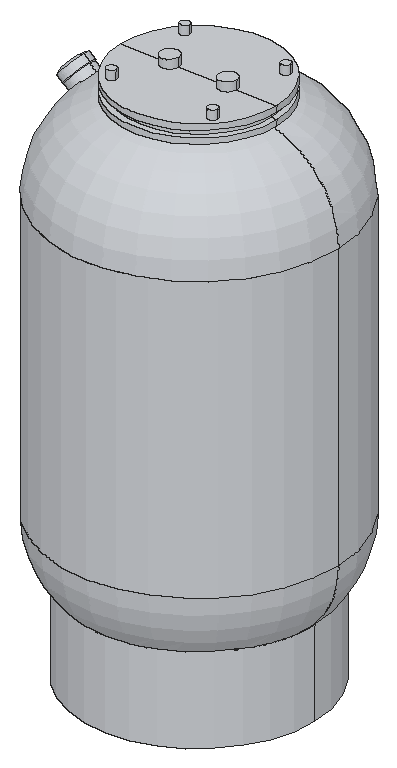
Revit family "FXA-35-WG", category Mechanical Equipment, Revit 2014
Parameters (values of type "FXA-35-WG")
  URL = "http://westank.com/"
  TankVolume = "10 Gallons"
  PartNumber = "21010035"
  OuterRadius = F / 2  # 5"
  Model = "FXA-35-WG"
  MaximumOperatingTemperature = "240°F"
  MaximumOperatingPressure = "125 PSIG"
  Manufacturer = "Wessels Company"
  InnerRadius = (F * 0.9844) / 2  # 4.922"
  F = 10"
  C = 3/4"
  B = 23 1/2"
  ApproximateShipmentWeight = "40 lbs"
  Angle = 41.00°
  A = 12"
Reference planes (in)
  plane 1 "Center (Front/Back)": y = 0
  plane 2: z = 0
  plane 3 "Center (Left/Right)": x = 0
  plane 4: x = -6
  plane 5: z = 5.47343
  plane 6: y = 1.9685
  plane 7: y = -1.9685
  plane 8: x = 2.1751
  plane 9: x = -2.1751
  plane 10: z = 23.5
  plane 11: x = 6
  plane 12: z = 16.99842
  plane 13: x = -5
  plane 14: x = 5
Forms (in)
  Revolve 1, solid
    sketch origin (0, 0, -5.125) x (1, 0, 0) y (0, 0, 1)
      loop
        line (0, 27.47933) -> (-2.92524, 27.47933)
        arc (-2.92524, 27.47933) -> (-5.13532, 26.11893) -> (-6, 23.67199) r 3.89461
        line (-6, 23.67199) -> (-6, 11.46384)
        arc (-6, 11.46384) -> (-5.13532, 9.0169) -> (-2.92524, 7.6565) r 3.89461
        line (-2.92524, 7.6565) -> (0, 7.6565) -> (0, 27.47933)
      axis (0, 27.47933) -> (0, 7.6565)
    angle from 0 to 360
  Extrusion 2, solid
    sketch origin (0, 0, 0) x (1, 0, 0) y (0, 1, 0)
      loop
        circle (0, 0) r 5
      loop
        circle (0, 0) r 4.922
    from 5.47343 to 0
  Revolve 3, solid
    sketch origin (0, 0, 0) x (1, 0, 0) y (0, 0, 1)
      loop
        line (0, 23.14567) -> (0, 22.35433) -> (3.36891, 22.35433) -> (3.36891, 22.60433) -> (3.11891, 22.60433) -> (3.11891, 22.88832) -> (3.36891, 22.88832) -> (3.36891, 23.14567) -> (0, 23.14567)
      axis (0, 23.14567) -> (0, 22.35433)
    angle from 0 to 360
  Extrusion 4, solid
    sketch origin (-60.41868, -180, 22.35433) x (-1, 0, 0) y (0, -1, 0)
      loop
        circle (-58.24358, -181.9685) r 0.19685
      loop
        circle (-58.24358, -178.0315) r 0.19685
      loop
        circle (-62.59379, -178.0315) r 0.19685
      loop
        circle (-62.59379, -181.9685) r 0.19685
    from 1.14567 to 0.79134
  Extrusion 5, solid
    sketch origin (-60.41868, -180, 22.35433) x (-1, 0, 0) y (0, -1, 0)
      loop
        circle (-59.16868, -180) r 0.375
      loop
        circle (-61.66868, -180) r 0.375
    from 1.14567 to 0.79134
  Revolve 6, solid
    sketch origin (0, 0, 16.99842) x (-0.75471, 0, 0.656059) y (-0.656059, 0, -0.75471)
      loop
        line (6.14266, 0) -> (6.14266, -0.64856) -> (6.78908, -0.64856) -> (6.81239, -0.67188) -> (7.15285, -0.67188)
        arc (7.15285, -0.67188) -> (7.26101, -0.34361) -> (7.22367, 0) r 0.81647
        line (7.22367, 0) -> (6.14266, 0)
      axis (6.14266, 0) -> (7.22367, 0)
    angle from 0 to 360
Cuts and joins
  joined: Revolve 1, Extrusion 2, Revolve 6
Lines and regions (in)
  reference lines
    curve 1: line (0, 0, 16.99842) -> (-5.47164, 0, 21.75485)
Dimensions and locks (in)
  plane 5 to level = 5.47343"
  equal spacing: plane 9, plane 3 "Center (Left/Right)", plane 8
  equal spacing: plane 6, plane 1 "Center (Front/Back)", plane 7
  "B": plane 10 to level
  equal spacing: plane 11, plane 3 "Center (Left/Right)", plane 4
  "A": plane 11 to plane 4
  locked: Extrusion 5 sketch curve to plane 1 "Center (Front/Back)" at 0  (x2)
  equal spacing: plane 14, plane 3 "Center (Left/Right)", plane 13
  "F": plane 14 to plane 13
  "OuterRadius": radius of Extrusion 2 sketch curve
  "InnerRadius": radius of Extrusion 2 sketch curve
  "C": diameter of Extrusion 5 sketch curve
  "Angle": angle curve 1 to plane 12
  aligned and locked: level to plane 2
  aligned and locked: Extrusion 2 to level
  aligned and locked: Revolve 3 sketch curve to plane 3 "Center (Left/Right)"  (x2)
  aligned and locked: plane 10 to Extrusion 4
  aligned and locked: plane 4 to Revolve 1 sketch curve
  aligned and locked: plane 10 to Extrusion 5
  aligned and locked: plane 3 "Center (Left/Right)" to curve 1
  aligned and locked: plane 12 to curve 1
  aligned and locked: Revolve 6 sketch curve to curve 1
  aligned and locked: Revolve 6 sketch curve to Revolve 6 sketch curve
Automatic sketch dimensions
  Revolve 3 sketch curve to Revolve 3 sketch curve = 1/4"  (x3)
  Revolve 3 sketch curve to Revolve 3 sketch curve = 1/2"
  Revolve 1 sketch curve to plane 3 "Center (Left/Right)" = 0"  (x2)
  Revolve 1 sketch curve to level = 2.26259"
  plane 5 to Revolve 1 sketch curve = 0.86541"
  Extrusion 4 sketch curve to plane 7 = 0"  (x2)
  Extrusion 4 sketch curve to plane 8 = 0"  (x2)
  Extrusion 4 sketch curve to plane 6 = 0"  (x2)
  Extrusion 4 sketch curve to plane 9 = 0"  (x2)
  Revolve 6 sketch curve to curve 1 = 0"  (x2)
  Revolve 6 sketch curve to Revolve 6 sketch curve = 0.30638"
  Revolve 6 sketch curve to curve 1 = 59/128"
  Revolve 6 sketch curve to Revolve 6 sketch curve = 0.02331"  (x2)
  curve 1 to Revolve 6 sketch curve = 0.25803"
  Revolve 6 sketch curve to Revolve 6 sketch curve = 0.39053"
  Revolve 6 sketch curve to curve 1 = 0.09715"
  Revolve 6 sketch curve to curve 1 = 0.02633"
  plane 8 to Revolve 3 sketch curve = 0.94381"
  Revolve 1 sketch curve to plane 9 = 0.75013"  (x2)
  plane 9 to Revolve 1 sketch curve = 0.06971"  (x2)
  Extrusion 2 sketch curve to Extrusion 2 sketch curve = 0"  (x2)
  plane 1 "Center (Front/Back)" to Extrusion 2 sketch curve = 0"
  Extrusion 2 sketch curve to plane 3 "Center (Left/Right)" = 0"
  Extrusion 5 sketch curve to plane 8 = 0.9251"
  plane 9 to Extrusion 5 sketch curve = 0.9251"
  Revolve 3 sketch curve to Revolve 3 sketch curve = 0.28399"
  Revolve 3 sketch curve to Revolve 3 sketch curve = 0.25735"
  plane 12 to Revolve 1 sketch curve = 1.54857"
  Revolve 1 sketch curve to Revolve 1 sketch curve = 1.77165"
  Revolve 3 sketch curve to plane 10 = 1.14567"
  Revolve 3 sketch curve to Revolve 3 sketch curve = 0"
  radius of Extrusion 4 sketch curve = 0.19685"  (x4)
  radius of Extrusion 5 sketch curve = 3/8"
Connectors (in)
  piping at (1.25, 0, 23.5), diameter 0.75, driven by "C"
    settings: on Extrusion 5, index 3, connector inside diameter 24", connector length 0", flow factor 0, pipe flow 0 GPM, pressure drop 0.00 psi, fitting loss kfactor 0, connector angle 0.00°, fixture units 0, engagement length 0", angle of deflection 0.00°, flow configuration 0, flow direction 0, fitting loss method 0, system type 19, joint type 0, gender type 0, connector reference index -1, connector utility 0, adjustable connector no, is connector primary yes, connector description ""
